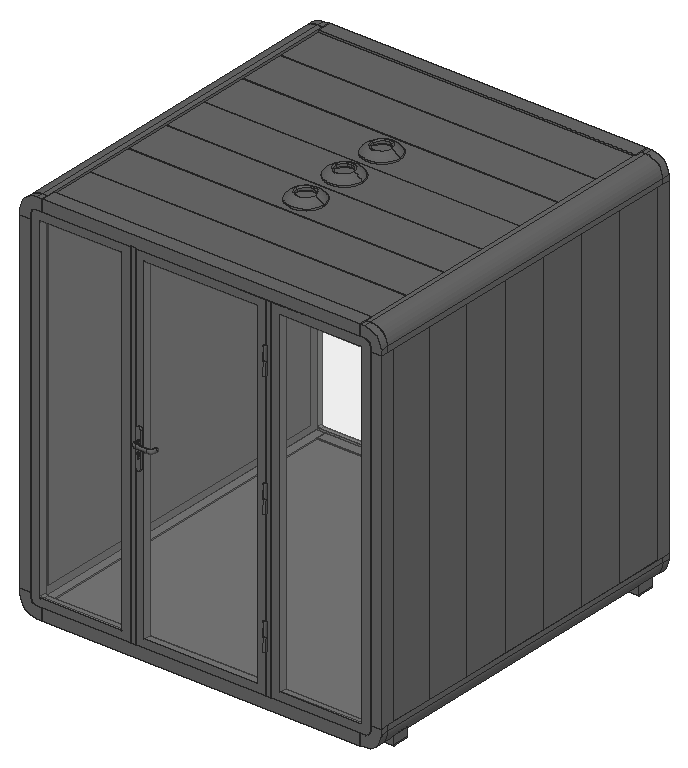
Revit family "Inbox Booths_X-Large Booth", category Furniture, Revit 2024 (continued)
Forms (mm)
  Extrusion 151, solid, material "Default Light Source" <- "BB_Light Source", not visible
    sketch origin (1367.015, -600, -93) x (-1, 0, 0) y (0, 0, -1)
      loop
        line (-339.493, -2233) -> (-325.978, -2233)
        arc (-325.978, -2233) -> (-329.936, -2223.444) -> (-339.493, -2219.485) r 13.515
        line (-339.493, -2219.485) -> (-339.493, -2233)
    from -2161 to -45
  Extrusion 152, solid, material "Default Light Source" <- "BB_Light Source", not visible
    sketch origin (0, -600, 0) x (1, 0, 0) y (0, 0, 1)
      loop
        line (-339.493, 2233) -> (-339.493, 2219.485)
        arc (-339.493, 2219.485) -> (-329.936, 2223.444) -> (-325.978, 2233) r 13.515
        line (-325.978, 2233) -> (-339.493, 2233)
    from -2161 to -45
  Extrusion 153, solid, material "Default Light Source" <- "BB_Light Source", not visible
    sketch origin (1367.015, -600, 0) x (-1, 0, 0) y (0, 0, -1)
      loop
        line (-339.493, -2233) -> (-325.978, -2233)
        arc (-325.978, -2233) -> (-329.936, -2223.444) -> (-339.493, -2219.485) r 13.515
        line (-339.493, -2219.485) -> (-339.493, -2233)
    from -2161 to -45
  Extrusion 154, solid, material "Default" <- "BB_Exterior Shell"
    sketch origin (-375, 90, 2320) x (1, 0, 0) y (0, 0, 1)
      loop
        arc (-41.493, -2210) -> (-12.203, -2280.711) -> (58.507, -2310) r 100
        line (58.507, -2310) -> (88.507, -2310) -> (88.507, -2243) -> (57.507, -2243)
        arc (57.507, -2243) -> (34.88, -2233.627) -> (25.507, -2211) r 32
        line (25.507, -2211) -> (25.507, -2180) -> (-41.493, -2180) -> (-41.493, -2210)
    from 45 to 90
  Extrusion 155, solid, material "Default" <- "BB_Exterior Shell"
    sketch origin (-375, -345, 0) x (1, 0, 0) y (0, 0, -1)
      loop
        arc (-41.493, -2210) -> (-12.203, -2280.711) -> (58.507, -2310) r 100
        line (58.507, -2310) -> (88.507, -2310) -> (88.507, -2243) -> (57.507, -2243)
        arc (57.507, -2243) -> (34.88, -2233.627) -> (25.507, -2211) r 32
        line (25.507, -2211) -> (25.507, -2180) -> (-41.493, -2180) -> (-41.493, -2210)
    from 345 to 390
  Extrusion 156, solid, material "Default" <- "BB_Exterior Shell"
    sketch origin (1258.507, 0, 0) x (0, 1, 0) y (0, 0, -1)
      loop
        line (0, -2180) -> (90, -2180) -> (90, -140) -> (0, -140) -> (0, -2180)
      loop
        line (2186, -140) -> (2104.308, -140) -> (2104.308, -2180) -> (2186, -2180) -> (2186, -140)
    from -458 to -525
  Extrusion 157, solid, material "Default" <- "BB_Exterior Shell"
    sketch origin (1742.015, 90, 2320) x (-1, 0, 0) y (0, 0, -1)
      loop
        line (-41.493, 2210) -> (-41.493, 2180) -> (25.507, 2180) -> (25.507, 2211)
        arc (25.507, 2211) -> (34.88, 2233.627) -> (57.507, 2243) r 32
        line (57.507, 2243) -> (88.507, 2243) -> (88.507, 2310) -> (58.507, 2310)
        arc (58.507, 2310) -> (-12.203, 2280.711) -> (-41.493, 2210) r 100
    from 45 to 90
  Extrusion 158, solid, material "Default" <- "BB_Exterior Shell"
    sketch origin (1742.015, -345, 0) x (-1, 0, 0) y (0, 0, 1)
      loop
        line (-41.493, 2210) -> (-41.493, 2180) -> (25.507, 2180) -> (25.507, 2211)
        arc (25.507, 2211) -> (34.88, 2233.627) -> (57.507, 2243) r 32
        line (57.507, 2243) -> (88.507, 2243) -> (88.507, 2310) -> (58.507, 2310)
        arc (58.507, 2310) -> (-12.203, 2280.711) -> (-41.493, 2210) r 100
    from 345 to 390
  Extrusion 159, solid, material "Default" <- "BB_Glass Edge (non-editable finish)"
    sketch origin (1367.015, -1616.475, 0) x (-1, 0, 0) y (0, 0, -1)
      loop
        line (-317.493, -2243) -> (254.507, -2243) -> (254.507, -77) -> (-317.493, -77)
        arc (-317.493, -77) -> (-340.12, -86.373) -> (-349.493, -109) r 32
        line (-349.493, -109) -> (-349.493, -2211)
        arc (-349.493, -2211) -> (-340.12, -2233.627) -> (-317.493, -2243) r 32
      loop
        line (204.507, -127) -> (-287.493, -127)
        arc (-287.493, -127) -> (-295.978, -130.515) -> (-299.493, -139) r 12
        line (-299.493, -139) -> (-299.493, -2180)
        arc (-299.493, -2180) -> (-296.023, -2189.531) -> (-286.493, -2193) r 12
        line (-286.493, -2193) -> (204.507, -2193) -> (204.507, -127)
    from -1661.475 to -1616.475
  Extrusion 160, solid, material "Glass" <- "BB_Glass"
    sketch origin (1367.015, 0, 0) x (-1, 0, 0) y (0, 0, -1)
      loop
        line (204.507, -127) -> (-287.493, -127)
        arc (-287.493, -127) -> (-295.978, -130.515) -> (-299.493, -139) r 12
        line (-299.493, -139) -> (-299.493, -2180)
        arc (-299.493, -2180) -> (-296.023, -2189.531) -> (-286.493, -2193) r 12
        line (-286.493, -2193) -> (204.507, -2193) -> (204.507, -127)
    from -11 to 0
  Extrusion 161, solid, material "Default" <- "BB_Exterior Shell"
    sketch origin (1418.507, 0, 0) x (0, 1, 0) y (0, 0, 1)
      loop
        line (0, 2243) -> (0, 77) -> (45, 77) -> (45, 2243) -> (0, 2243)
    from -306 to -337.885
  Extrusion 162, solid, material "Default" <- "BB_Glass Edge (non-editable finish)"
    sketch origin (0, -1616.475, 0) x (1, 0, 0) y (0, 0, 1)
      loop
        arc (-317.493, 2243) -> (-340.12, 2233.627) -> (-349.493, 2211) r 32
        line (-349.493, 2211) -> (-349.493, 109)
        arc (-349.493, 109) -> (-340.12, 86.373) -> (-317.493, 77) r 32
        line (-317.493, 77) -> (254.507, 77) -> (254.507, 2243) -> (-317.493, 2243)
      loop
        line (204.507, 127) -> (204.507, 2193) -> (-286.493, 2193)
        arc (-286.493, 2193) -> (-296.023, 2189.531) -> (-299.493, 2180) r 12
        line (-299.493, 2180) -> (-299.493, 139)
        arc (-299.493, 139) -> (-295.978, 130.515) -> (-287.493, 127) r 12
        line (-287.493, 127) -> (204.507, 127)
    from -1661.475 to -1616.475
  Extrusion 163, solid, material "Glass" <- "BB_Glass"
    sketch origin (0, 0, 0) x (1, 0, 0) y (0, 0, 1)
      loop
        line (204.507, 127) -> (204.507, 2193) -> (-286.493, 2193)
        arc (-286.493, 2193) -> (-296.023, 2189.531) -> (-299.493, 2180) r 12
        line (-299.493, 2180) -> (-299.493, 139)
        arc (-299.493, 139) -> (-295.978, 130.515) -> (-287.493, 127) r 12
        line (-287.493, 127) -> (204.507, 127)
    from -11 to 0
  Extrusion 164, solid, material "Default" <- "BB_Exterior Shell"
    sketch origin (-51.493, 0, 0) x (0, 1, 0) y (0, 0, -1)
      loop
        line (0, -2243) -> (45, -2243) -> (45, -77) -> (0, -77) -> (0, -2243)
    from -306 to -338.115
  Extrusion 165, solid, material "Default" <- "BB_Glass Edge (non-editable finish)"
    sketch origin (316.115, -709.952, 0) x (1, 0, 0) y (0, 0, 1)
      loop
        line (-29.493, 2243) -> (-29.493, 77) -> (764.507, 77) -> (764.507, 2243) -> (-29.493, 2243)
      loop
        line (714.507, 2193) -> (20.507, 2193) -> (20.507, 127) -> (714.507, 127) -> (714.507, 2193)
    from -754.952 to -709.952
  Extrusion 166, solid, material "Glass" <- "BB_Glass"
    sketch origin (-390.243, -1616.475, -375.577) x (1, 0, 0) y (0, 0, 1)
      loop
        line (726.866, 2568.577) -> (726.866, 502.577) -> (1420.866, 502.577) -> (1420.866, 2568.577) -> (726.866, 2568.577)
    from -1661.475 to -1616.475
  Extrusion 167, solid, material "Default" <- "BB_Hardware (non-editable finish)"
    sketch origin (377.365, 0, 0) x (1, 0, 0) y (0, 0, 1)
      loop
        arc (-80.493, 1055) -> (-65.493, 1040) -> (-50.493, 1055) r 15
        line (-50.493, 1055) -> (-50.493, 1265)
        arc (-50.493, 1265) -> (-65.493, 1280) -> (-80.493, 1265) r 15
        line (-80.493, 1265) -> (-80.493, 1055)
    from 0 to 9
  Extrusion 168, solid, material "Default" <- "BB_Hardware (non-editable finish)"
    sketch origin (377.365, 0, 0) x (1, 0, 0) y (0, 0, 1)
      loop
        arc (-60.993, 1126.252) -> (-65.493, 1141.963) -> (-69.993, 1126.252) r 8.5
        line (-69.993, 1126.252) -> (-69.993, 1113.463)
        arc (-69.993, 1113.463) -> (-65.493, 1108.963) -> (-60.993, 1113.463) r 4.5
        line (-60.993, 1113.463) -> (-60.993, 1126.252)
      loop
        circle (-65.493, 1133.463) r 6.846
    from 9 to 9.871
  Extrusion 169, solid, material "Default" <- "BB_Hardware (non-editable finish)"
    sketch origin (377.365, 0, 0) x (1, 0, 0) y (0, 0, 1)
      loop
        line (-58.72, 1132.462) -> (-65.493, 1132.462) -> (-65.493, 1134.409) -> (-58.713, 1134.409)
        arc (-58.713, 1134.409) -> (-72.338, 1133.49) -> (-58.72, 1132.462) r 6.846
    from 9 to 9.607
  Sweep 170, solid, material "Default" <- "BB_Hardware (non-editable finish)"
    path origin (368.115, 0, 1191.013) x (1, 0, 0) y (0, 1, 0)
      loop
        line (-65.493, -9.009) -> (-65.493, -29)
        arc (-65.493, -29) -> (-55.534, -53.042) -> (-31.493, -63) r 34
        line (-31.493, -63) -> (35.007, -63)
        arc (35.007, -63) -> (59.372, -53.221) -> (69.507, -29.004) r 34
        line (69.507, -29.004) -> (69.507, -19)
    profile origin (302.622, -19.005, 1191.013) x (1, 0, 0) y (0, 0, 1)
      loop
        arc (14.657, 18.263) -> (14.416, 18.644) -> (14.007, 18.834) r 0.8
        arc (14.007, 18.834) -> (11.685, 19.007) -> (9.363, 18.833) r 15.626
        arc (9.363, 18.833) -> (0, 9.47) -> (9.363, 0.107) r 9.363
        arc (9.363, 0.107) -> (11.662, -0.019) -> (13.962, 0.101) r 21.574
        arc (13.962, 0.101) -> (14.393, 0.284) -> (14.647, 0.677) r 0.8
        arc (14.647, 0.677) -> (15.884, 9.469) -> (14.657, 18.263) r 31.996
  Extrusion 171, solid, material "Default" <- "BB_Hardware (non-editable finish)"
    sketch origin (-2323.96, 0, 26.184) x (1, 0, 0) y (0, 1, 0)
      loop
        circle (3404.582, -7.96) r 8
    from 299.201 to 380.816
  Extrusion 172, solid, material "Default" <- "BB_Hardware (non-editable finish)"
    sketch origin (-2323.96, 0, 107.816) x (0, -1, 0) y (1, 0, 0)
      loop
        circle (7.96, 3404.582) r 8
    from 299.201 to 380.816
  Extrusion 173, solid, material "Default" <- "BB_Hardware (non-editable finish)"
    sketch origin (-2323.96, 0, 779.184) x (1, 0, 0) y (0, 1, 0)
      loop
        circle (3404.582, -7.96) r 8
    from 299.201 to 380.816
  Extrusion 174, solid, material "Default" <- "BB_Hardware (non-editable finish)"
    sketch origin (-2323.96, 0, 860.816) x (0, -1, 0) y (1, 0, 0)
      loop
        circle (7.96, 3404.582) r 8
    from 299.201 to 380.816
  Extrusion 175, solid, material "Default" <- "BB_Hardware (non-editable finish)"
    sketch origin (-2323.96, 0, 1532.184) x (1, 0, 0) y (0, 1, 0)
      loop
        circle (3404.582, -7.96) r 8
    from 299.201 to 380.816
  Extrusion 176, solid, material "Default" <- "BB_Hardware (non-editable finish)"
    sketch origin (-2323.96, 0, 1613.816) x (0, -1, 0) y (1, 0, 0)
      loop
        circle (7.96, 3404.582) r 8
    from 299.201 to 380.816
  Extrusion 177, solid, material "Default" <- "BB_Exterior Shell"
    sketch origin (108.507, 600, 0) x (0, 1, 0) y (0, 0, 1)
      loop
        line (1586, 140) -> (1586, 2180) -> (1504.308, 2180) -> (1504.308, 140) -> (1586, 140)
      loop
        line (-600, 2180) -> (-600, 140) -> (-510, 140) -> (-510, 2180) -> (-600, 2180)
    from -458 to -525
  Extrusion 178, solid, material "Default" <- "BB_Exterior Shell", not visible
    sketch origin (-375, -510, 2320) x (1, 0, 0) y (0, 0, 1)
      loop
        arc (-41.493, -2210) -> (-12.203, -2280.711) -> (58.507, -2310) r 100
        line (58.507, -2310) -> (88.507, -2310) -> (88.507, -2243) -> (57.507, -2243)
        arc (57.507, -2243) -> (34.88, -2233.627) -> (25.507, -2211) r 32
        line (25.507, -2211) -> (25.507, -2180) -> (-41.493, -2180) -> (-41.493, -2210)
    from 45 to 90
  Extrusion 179, solid, material "Default" <- "BB_Exterior Shell", not visible
    sketch origin (-375, -945, 0) x (1, 0, 0) y (0, 0, -1)
      loop
        arc (-41.493, -2210) -> (-12.203, -2280.711) -> (58.507, -2310) r 100
        line (58.507, -2310) -> (88.507, -2310) -> (88.507, -2243) -> (57.507, -2243)
        arc (57.507, -2243) -> (34.88, -2233.627) -> (25.507, -2211) r 32
        line (25.507, -2211) -> (25.507, -2180) -> (-41.493, -2180) -> (-41.493, -2210)
    from 345 to 390
  Extrusion 180, solid, material "Default" <- "BB_Exterior Shell", not visible
    sketch origin (1258.507, -600, 0) x (0, 1, 0) y (0, 0, -1)
      loop
        line (0, -2180) -> (90, -2180) -> (90, -140) -> (0, -140) -> (0, -2180)
      loop
        line (2186, -140) -> (2104.308, -140) -> (2104.308, -2180) -> (2186, -2180) -> (2186, -140)
    from -458 to -525
  Extrusion 181, solid, material "Default" <- "BB_Exterior Shell", not visible
    sketch origin (1742.015, -510, 2320) x (-1, 0, 0) y (0, 0, -1)
      loop
        line (-41.493, 2210) -> (-41.493, 2180) -> (25.507, 2180) -> (25.507, 2211)
        arc (25.507, 2211) -> (34.88, 2233.627) -> (57.507, 2243) r 32
        line (57.507, 2243) -> (88.507, 2243) -> (88.507, 2310) -> (58.507, 2310)
        arc (58.507, 2310) -> (-12.203, 2280.711) -> (-41.493, 2210) r 100
    from 45 to 90
  Extrusion 182, solid, material "Default" <- "BB_Exterior Shell", not visible
    sketch origin (1742.015, -945, 0) x (-1, 0, 0) y (0, 0, 1)
      loop
        line (-41.493, 2210) -> (-41.493, 2180) -> (25.507, 2180) -> (25.507, 2211)
        arc (25.507, 2211) -> (34.88, 2233.627) -> (57.507, 2243) r 32
        line (57.507, 2243) -> (88.507, 2243) -> (88.507, 2310) -> (58.507, 2310)
        arc (58.507, 2310) -> (-12.203, 2280.711) -> (-41.493, 2210) r 100
    from 345 to 390
  Extrusion 183, solid, material "Default" <- "BB_Glass Edge (non-editable finish)", not visible
    sketch origin (1367.015, -2216.475, 0) x (-1, 0, 0) y (0, 0, -1)
      loop
        line (-317.493, -2243) -> (254.507, -2243) -> (254.507, -77) -> (-317.493, -77)
        arc (-317.493, -77) -> (-340.12, -86.373) -> (-349.493, -109) r 32
        line (-349.493, -109) -> (-349.493, -2211)
        arc (-349.493, -2211) -> (-340.12, -2233.627) -> (-317.493, -2243) r 32
      loop
        line (204.507, -127) -> (-287.493, -127)
        arc (-287.493, -127) -> (-295.978, -130.515) -> (-299.493, -139) r 12
        line (-299.493, -139) -> (-299.493, -2180)
        arc (-299.493, -2180) -> (-296.023, -2189.531) -> (-286.493, -2193) r 12
        line (-286.493, -2193) -> (204.507, -2193) -> (204.507, -127)
    from -1661.475 to -1616.475
  Extrusion 184, solid, material "Glass" <- "BB_Glass", not visible
    sketch origin (1367.015, -600, 0) x (-1, 0, 0) y (0, 0, -1)
      loop
        line (204.507, -127) -> (-287.493, -127)
        arc (-287.493, -127) -> (-295.978, -130.515) -> (-299.493, -139) r 12
        line (-299.493, -139) -> (-299.493, -2180)
        arc (-299.493, -2180) -> (-296.023, -2189.531) -> (-286.493, -2193) r 12
        line (-286.493, -2193) -> (204.507, -2193) -> (204.507, -127)
    from -11 to 0
  Extrusion 185, solid, material "Default" <- "BB_Exterior Shell", not visible
    sketch origin (1418.507, -600, 0) x (0, 1, 0) y (0, 0, 1)
      loop
        line (0, 2243) -> (0, 77) -> (45, 77) -> (45, 2243) -> (0, 2243)
    from -306 to -337.885
  Extrusion 186, solid, material "Default" <- "BB_Glass Edge (non-editable finish)", not visible
    sketch origin (0, -2216.475, 0) x (1, 0, 0) y (0, 0, 1)
      loop
        arc (-317.493, 2243) -> (-340.12, 2233.627) -> (-349.493, 2211) r 32
        line (-349.493, 2211) -> (-349.493, 109)
        arc (-349.493, 109) -> (-340.12, 86.373) -> (-317.493, 77) r 32
        line (-317.493, 77) -> (254.507, 77) -> (254.507, 2243) -> (-317.493, 2243)
      loop
        line (204.507, 127) -> (204.507, 2193) -> (-286.493, 2193)
        arc (-286.493, 2193) -> (-296.023, 2189.531) -> (-299.493, 2180) r 12
        line (-299.493, 2180) -> (-299.493, 139)
        arc (-299.493, 139) -> (-295.978, 130.515) -> (-287.493, 127) r 12
        line (-287.493, 127) -> (204.507, 127)
    from -1661.475 to -1616.475
  Extrusion 187, solid, material "Glass" <- "BB_Glass", not visible
    sketch origin (0, -600, 0) x (1, 0, 0) y (0, 0, 1)
      loop
        line (204.507, 127) -> (204.507, 2193) -> (-286.493, 2193)
        arc (-286.493, 2193) -> (-296.023, 2189.531) -> (-299.493, 2180) r 12
        line (-299.493, 2180) -> (-299.493, 139)
        arc (-299.493, 139) -> (-295.978, 130.515) -> (-287.493, 127) r 12
        line (-287.493, 127) -> (204.507, 127)
    from -11 to 0
  Extrusion 188, solid, material "Default" <- "BB_Exterior Shell", not visible
    sketch origin (-51.493, -600, 0) x (0, 1, 0) y (0, 0, -1)
      loop
        line (0, -2243) -> (45, -2243) -> (45, -77) -> (0, -77) -> (0, -2243)
    from -306 to -338.115
  Extrusion 189, solid, material "Default" <- "BB_Glass Edge (non-editable finish)", not visible
    sketch origin (316.115, -1309.952, 0) x (1, 0, 0) y (0, 0, 1)
      loop
        line (-29.493, 2243) -> (-29.493, 77) -> (764.507, 77) -> (764.507, 2243) -> (-29.493, 2243)
      loop
        line (714.507, 2193) -> (20.507, 2193) -> (20.507, 127) -> (714.507, 127) -> (714.507, 2193)
    from -754.952 to -709.952
  Extrusion 190, solid, material "Glass" <- "BB_Glass", not visible
    sketch origin (-390.243, -2216.475, -375.577) x (1, 0, 0) y (0, 0, 1)
      loop
        line (726.866, 2568.577) -> (726.866, 502.577) -> (1420.866, 502.577) -> (1420.866, 2568.577) -> (726.866, 2568.577)
    from -1661.475 to -1616.475
  Extrusion 191, solid, material "Default" <- "BB_Hardware (non-editable finish)", not visible
    sketch origin (377.365, -600, 0) x (1, 0, 0) y (0, 0, 1)
      loop
        arc (-80.493, 1055) -> (-65.493, 1040) -> (-50.493, 1055) r 15
        line (-50.493, 1055) -> (-50.493, 1265)
        arc (-50.493, 1265) -> (-65.493, 1280) -> (-80.493, 1265) r 15
        line (-80.493, 1265) -> (-80.493, 1055)
    from 0 to 9
  Extrusion 192, solid, material "Default" <- "BB_Hardware (non-editable finish)", not visible
    sketch origin (377.365, -600, 0) x (1, 0, 0) y (0, 0, 1)
      loop
        arc (-60.993, 1126.252) -> (-65.493, 1141.963) -> (-69.993, 1126.252) r 8.5
        line (-69.993, 1126.252) -> (-69.993, 1113.463)
        arc (-69.993, 1113.463) -> (-65.493, 1108.963) -> (-60.993, 1113.463) r 4.5
        line (-60.993, 1113.463) -> (-60.993, 1126.252)
      loop
        circle (-65.493, 1133.463) r 6.846
    from 9 to 9.871
  Extrusion 193, solid, material "Default" <- "BB_Hardware (non-editable finish)", not visible
    sketch origin (377.365, -600, 0) x (1, 0, 0) y (0, 0, 1)
      loop
        line (-58.72, 1132.462) -> (-65.493, 1132.462) -> (-65.493, 1134.409) -> (-58.713, 1134.409)
        arc (-58.713, 1134.409) -> (-72.338, 1133.49) -> (-58.72, 1132.462) r 6.846
    from 9 to 9.607
  Sweep 194, solid, material "Default" <- "BB_Hardware (non-editable finish)", not visible
    path origin (368.115, -600, 1191.013) x (1, 0, 0) y (0, 1, 0)
      loop
        line (-65.493, -9.009) -> (-65.493, -29)
        arc (-65.493, -29) -> (-55.534, -53.042) -> (-31.493, -63) r 34
        line (-31.493, -63) -> (35.007, -63)
        arc (35.007, -63) -> (59.372, -53.221) -> (69.507, -29.004) r 34
        line (69.507, -29.004) -> (69.507, -19)
    profile origin (302.622, -619.005, 1191.013) x (1, 0, 0) y (0, 0, 1)
      loop
        arc (14.657, 18.263) -> (14.416, 18.644) -> (14.007, 18.834) r 0.8
        arc (14.007, 18.834) -> (11.685, 19.007) -> (9.363, 18.833) r 15.626
        arc (9.363, 18.833) -> (0, 9.47) -> (9.363, 0.107) r 9.363
        arc (9.363, 0.107) -> (11.662, -0.019) -> (13.962, 0.101) r 21.574
        arc (13.962, 0.101) -> (14.393, 0.284) -> (14.647, 0.677) r 0.8
        arc (14.647, 0.677) -> (15.884, 9.469) -> (14.657, 18.263) r 31.996
  Extrusion 195, solid, material "Default" <- "BB_Hardware (non-editable finish)", not visible
    sketch origin (-2323.96, -600, 26.184) x (1, 0, 0) y (0, 1, 0)
      loop
        circle (3404.582, -7.96) r 8
    from 299.201 to 380.816
  Extrusion 196, solid, material "Default" <- "BB_Hardware (non-editable finish)", not visible
    sketch origin (-2323.96, -600, 107.816) x (0, -1, 0) y (1, 0, 0)
      loop
        circle (7.96, 3404.582) r 8
    from 299.201 to 380.816
  Extrusion 197, solid, material "Default" <- "BB_Hardware (non-editable finish)", not visible
    sketch origin (-2323.96, -600, 779.184) x (1, 0, 0) y (0, 1, 0)
      loop
        circle (3404.582, -7.96) r 8
    from 299.201 to 380.816
  Extrusion 198, solid, material "Default" <- "BB_Hardware (non-editable finish)", not visible
    sketch origin (-2323.96, -600, 860.816) x (0, -1, 0) y (1, 0, 0)
      loop
        circle (7.96, 3404.582) r 8
    from 299.201 to 380.816
  Extrusion 199, solid, material "Default" <- "BB_Hardware (non-editable finish)", not visible
    sketch origin (-2323.96, -600, 1532.184) x (1, 0, 0) y (0, 1, 0)
      loop
        circle (3404.582, -7.96) r 8
    from 299.201 to 380.816
  Extrusion 200, solid, material "Default" <- "BB_Hardware (non-editable finish)", not visible
    sketch origin (-2323.96, -600, 1613.816) x (0, -1, 0) y (1, 0, 0)
      loop
        circle (7.96, 3404.582) r 8
    from 299.201 to 380.816
  Extrusion 201, solid, material "Default" <- "BB_Exterior Shell", not visible
    sketch origin (108.507, 0, 0) x (0, 1, 0) y (0, 0, 1)
      loop
        line (1586, 140) -> (1586, 2180) -> (1504.308, 2180) -> (1504.308, 140) -> (1586, 140)
      loop
        line (-600, 2180) -> (-600, 140) -> (-510, 140) -> (-510, 2180) -> (-600, 2180)
    from -458 to -525
  Extrusion 202, solid, material "Default" <- "BB_Exterior Shell", not visible
    sketch origin (-375, -510, 2320) x (1, 0, 0) y (0, 0, 1)
      loop
        arc (-41.493, -2210) -> (-12.203, -2280.711) -> (58.507, -2310) r 100
        line (58.507, -2310) -> (88.507, -2310) -> (88.507, -2243) -> (57.507, -2243)
        arc (57.507, -2243) -> (34.88, -2233.627) -> (25.507, -2211) r 32
        line (25.507, -2211) -> (25.507, -2180) -> (-41.493, -2180) -> (-41.493, -2210)
    from 45 to 90
  Extrusion 203, solid, material "Default" <- "BB_Exterior Shell", not visible
    sketch origin (-375, -945, 0) x (1, 0, 0) y (0, 0, -1)
      loop
        arc (-41.493, -2210) -> (-12.203, -2280.711) -> (58.507, -2310) r 100
        line (58.507, -2310) -> (88.507, -2310) -> (88.507, -2243) -> (57.507, -2243)
        arc (57.507, -2243) -> (34.88, -2233.627) -> (25.507, -2211) r 32
        line (25.507, -2211) -> (25.507, -2180) -> (-41.493, -2180) -> (-41.493, -2210)
    from 345 to 390
  Extrusion 204, solid, material "Default" <- "BB_Exterior Shell", not visible
    sketch origin (1258.507, -600, 0) x (0, 1, 0) y (0, 0, -1)
      loop
        line (0, -2180) -> (90, -2180) -> (90, -140) -> (0, -140) -> (0, -2180)
      loop
        line (2186, -140) -> (2104.308, -140) -> (2104.308, -2180) -> (2186, -2180) -> (2186, -140)
    from -458 to -525
  Extrusion 205, solid, material "Default" <- "BB_Exterior Shell", not visible
    sketch origin (1742.015, -510, 2320) x (-1, 0, 0) y (0, 0, -1)
      loop
        line (-41.493, 2210) -> (-41.493, 2180) -> (25.507, 2180) -> (25.507, 2211)
        arc (25.507, 2211) -> (34.88, 2233.627) -> (57.507, 2243) r 32
        line (57.507, 2243) -> (88.507, 2243) -> (88.507, 2310) -> (58.507, 2310)
        arc (58.507, 2310) -> (-12.203, 2280.711) -> (-41.493, 2210) r 100
    from 45 to 90
  Extrusion 206, solid, material "Default" <- "BB_Exterior Shell", not visible
    sketch origin (1742.015, -945, 0) x (-1, 0, 0) y (0, 0, 1)
      loop
        line (-41.493, 2210) -> (-41.493, 2180) -> (25.507, 2180) -> (25.507, 2211)
        arc (25.507, 2211) -> (34.88, 2233.627) -> (57.507, 2243) r 32
        line (57.507, 2243) -> (88.507, 2243) -> (88.507, 2310) -> (58.507, 2310)
        arc (58.507, 2310) -> (-12.203, 2280.711) -> (-41.493, 2210) r 100
    from 345 to 390
  Extrusion 207, solid, material "Default" <- "BB_Glass Edge (non-editable finish)", not visible
    sketch origin (1367.015, -2216.475, 0) x (-1, 0, 0) y (0, 0, -1)
      loop
        line (-317.493, -2243) -> (254.507, -2243) -> (254.507, -77) -> (-317.493, -77)
        arc (-317.493, -77) -> (-340.12, -86.373) -> (-349.493, -109) r 32
        line (-349.493, -109) -> (-349.493, -2211)
        arc (-349.493, -2211) -> (-340.12, -2233.627) -> (-317.493, -2243) r 32
      loop
        line (204.507, -127) -> (-287.493, -127)
        arc (-287.493, -127) -> (-295.978, -130.515) -> (-299.493, -139) r 12
        line (-299.493, -139) -> (-299.493, -2180)
        arc (-299.493, -2180) -> (-296.023, -2189.531) -> (-286.493, -2193) r 12
        line (-286.493, -2193) -> (204.507, -2193) -> (204.507, -127)
    from -1661.475 to -1616.475
  Extrusion 208, solid, material "Glass" <- "BB_Glass", not visible
    sketch origin (1367.015, -600, 0) x (-1, 0, 0) y (0, 0, -1)
      loop
        line (204.507, -127) -> (-287.493, -127)
        arc (-287.493, -127) -> (-295.978, -130.515) -> (-299.493, -139) r 12
        line (-299.493, -139) -> (-299.493, -2180)
        arc (-299.493, -2180) -> (-296.023, -2189.531) -> (-286.493, -2193) r 12
        line (-286.493, -2193) -> (204.507, -2193) -> (204.507, -127)
    from -11 to 0
  Extrusion 209, solid, material "Default" <- "BB_Exterior Shell", not visible
    sketch origin (1418.507, -600, 0) x (0, 1, 0) y (0, 0, 1)
      loop
        line (0, 2243) -> (0, 77) -> (45, 77) -> (45, 2243) -> (0, 2243)
    from -306 to -337.885
  Extrusion 210, solid, material "Default" <- "BB_Glass Edge (non-editable finish)", not visible
    sketch origin (0, -2216.475, 0) x (1, 0, 0) y (0, 0, 1)
      loop
        arc (-317.493, 2243) -> (-340.12, 2233.627) -> (-349.493, 2211) r 32
        line (-349.493, 2211) -> (-349.493, 109)
        arc (-349.493, 109) -> (-340.12, 86.373) -> (-317.493, 77) r 32
        line (-317.493, 77) -> (254.507, 77) -> (254.507, 2243) -> (-317.493, 2243)
      loop
        line (204.507, 127) -> (204.507, 2193) -> (-286.493, 2193)
        arc (-286.493, 2193) -> (-296.023, 2189.531) -> (-299.493, 2180) r 12
        line (-299.493, 2180) -> (-299.493, 139)
        arc (-299.493, 139) -> (-295.978, 130.515) -> (-287.493, 127) r 12
        line (-287.493, 127) -> (204.507, 127)
    from -1661.475 to -1616.475
  Extrusion 211, solid, material "Glass" <- "BB_Glass", not visible
    sketch origin (0, -600, 0) x (1, 0, 0) y (0, 0, 1)
      loop
        line (204.507, 127) -> (204.507, 2193) -> (-286.493, 2193)
        arc (-286.493, 2193) -> (-296.023, 2189.531) -> (-299.493, 2180) r 12
        line (-299.493, 2180) -> (-299.493, 139)
        arc (-299.493, 139) -> (-295.978, 130.515) -> (-287.493, 127) r 12
        line (-287.493, 127) -> (204.507, 127)
    from -11 to 0
  Extrusion 212, solid, material "Default" <- "BB_Exterior Shell", not visible
    sketch origin (-51.493, -600, 0) x (0, 1, 0) y (0, 0, -1)
      loop
        line (0, -2243) -> (45, -2243) -> (45, -77) -> (0, -77) -> (0, -2243)
    from -306 to -338.115
  Extrusion 213, solid, material "Default" <- "BB_Glass Edge (non-editable finish)", not visible
    sketch origin (316.115, -1309.952, 0) x (1, 0, 0) y (0, 0, 1)
      loop
        line (-29.493, 2243) -> (-29.493, 77) -> (764.507, 77) -> (764.507, 2243) -> (-29.493, 2243)
      loop
        line (714.507, 2193) -> (20.507, 2193) -> (20.507, 127) -> (714.507, 127) -> (714.507, 2193)
    from -754.952 to -709.952
  Extrusion 214, solid, material "Glass" <- "BB_Glass", not visible
    sketch origin (-390.243, -2216.475, -375.577) x (1, 0, 0) y (0, 0, 1)
      loop
        line (726.866, 2568.577) -> (726.866, 502.577) -> (1420.866, 502.577) -> (1420.866, 2568.577) -> (726.866, 2568.577)
    from -1661.475 to -1616.475
  Extrusion 215, solid, material "Default" <- "BB_Hardware (non-editable finish)", not visible
    sketch origin (377.365, -600, 0) x (1, 0, 0) y (0, 0, 1)
      loop
        arc (-80.493, 1055) -> (-65.493, 1040) -> (-50.493, 1055) r 15
        line (-50.493, 1055) -> (-50.493, 1265)
        arc (-50.493, 1265) -> (-65.493, 1280) -> (-80.493, 1265) r 15
        line (-80.493, 1265) -> (-80.493, 1055)
    from 0 to 9
  Extrusion 216, solid, material "Default" <- "BB_Hardware (non-editable finish)", not visible
    sketch origin (377.365, -600, 0) x (1, 0, 0) y (0, 0, 1)
      loop
        arc (-60.993, 1126.252) -> (-65.493, 1141.963) -> (-69.993, 1126.252) r 8.5
        line (-69.993, 1126.252) -> (-69.993, 1113.463)
        arc (-69.993, 1113.463) -> (-65.493, 1108.963) -> (-60.993, 1113.463) r 4.5
        line (-60.993, 1113.463) -> (-60.993, 1126.252)
      loop
        circle (-65.493, 1133.463) r 6.846
    from 9 to 9.871
  Extrusion 217, solid, material "Default" <- "BB_Hardware (non-editable finish)", not visible
    sketch origin (377.365, -600, 0) x (1, 0, 0) y (0, 0, 1)
      loop
        line (-58.72, 1132.462) -> (-65.493, 1132.462) -> (-65.493, 1134.409) -> (-58.713, 1134.409)
        arc (-58.713, 1134.409) -> (-72.338, 1133.49) -> (-58.72, 1132.462) r 6.846
    from 9 to 9.607
  Sweep 218, solid, material "Default" <- "BB_Hardware (non-editable finish)", not visible
    path origin (368.115, -600, 1191.013) x (1, 0, 0) y (0, 1, 0)
      loop
        line (-65.493, -9.009) -> (-65.493, -29)
        arc (-65.493, -29) -> (-55.534, -53.042) -> (-31.493, -63) r 34
        line (-31.493, -63) -> (35.007, -63)
        arc (35.007, -63) -> (59.372, -53.221) -> (69.507, -29.004) r 34
        line (69.507, -29.004) -> (69.507, -19)
    profile origin (302.622, -619.005, 1191.013) x (1, 0, 0) y (0, 0, 1)
      loop
        arc (14.657, 18.263) -> (14.416, 18.644) -> (14.007, 18.834) r 0.8
        arc (14.007, 18.834) -> (11.685, 19.007) -> (9.363, 18.833) r 15.626
        arc (9.363, 18.833) -> (0, 9.47) -> (9.363, 0.107) r 9.363
        arc (9.363, 0.107) -> (11.662, -0.019) -> (13.962, 0.101) r 21.574
        arc (13.962, 0.101) -> (14.393, 0.284) -> (14.647, 0.677) r 0.8
        arc (14.647, 0.677) -> (15.884, 9.469) -> (14.657, 18.263) r 31.996
  Extrusion 219, solid, material "Default" <- "BB_Hardware (non-editable finish)", not visible
    sketch origin (-2323.96, -600, 26.184) x (1, 0, 0) y (0, 1, 0)
      loop
        circle (3404.582, -7.96) r 8
    from 299.201 to 380.816
  Extrusion 220, solid, material "Default" <- "BB_Hardware (non-editable finish)", not visible
    sketch origin (-2323.96, -600, 107.816) x (0, -1, 0) y (1, 0, 0)
      loop
        circle (7.96, 3404.582) r 8
    from 299.201 to 380.816
  Extrusion 221, solid, material "Default" <- "BB_Hardware (non-editable finish)", not visible
    sketch origin (-2323.96, -600, 779.184) x (1, 0, 0) y (0, 1, 0)
      loop
        circle (3404.582, -7.96) r 8
    from 299.201 to 380.816
  Extrusion 222, solid, material "Default" <- "BB_Hardware (non-editable finish)", not visible
    sketch origin (-2323.96, -600, 860.816) x (0, -1, 0) y (1, 0, 0)
      loop
        circle (7.96, 3404.582) r 8
    from 299.201 to 380.816
  Extrusion 223, solid, material "Default" <- "BB_Hardware (non-editable finish)", not visible
    sketch origin (-2323.96, -600, 1532.184) x (1, 0, 0) y (0, 1, 0)
      loop
        circle (3404.582, -7.96) r 8
    from 299.201 to 380.816
  Extrusion 224, solid, material "Default" <- "BB_Hardware (non-editable finish)", not visible
    sketch origin (-2323.96, -600, 1613.816) x (0, -1, 0) y (1, 0, 0)
      loop
        circle (7.96, 3404.582) r 8
    from 299.201 to 380.816
  Extrusion 225, solid, material "Default" <- "BB_Exterior Shell", not visible
    sketch origin (108.507, 0, 0) x (0, 1, 0) y (0, 0, 1)
      loop
        line (1586, 140) -> (1586, 2180) -> (1504.308, 2180) -> (1504.308, 140) -> (1586, 140)
      loop
        line (-600, 2180) -> (-600, 140) -> (-510, 140) -> (-510, 2180) -> (-600, 2180)
    from -458 to -525
  Extrusion 226, solid, material "Default" <- "BB_Exterior Shell"
    sketch origin (0, 549.4, 2320) x (1, 0, 0) y (0, 0, 1)
      loop
        line (-286.493, -2243) -> (-286.493, -2310) -> (1653.507, -2310) -> (1653.507, -2243) -> (-286.493, -2243)
    from -396.875 to -107.366
  Extrusion 227, solid, material "Default" <- "BB_Exterior Shell"
    sketch origin (0, 849.4, 2320) x (1, 0, 0) y (0, 0, -1)
      loop
        line (-286.493, 2243) -> (1653.507, 2243) -> (1653.507, 2310) -> (-286.493, 2310) -> (-286.493, 2243)
    from -482.142 to -192.634
  Extrusion 228, solid, material "Default" <- "BB_Exterior Shell"
    sketch origin (0, -3.6, 2320) x (1, 0, 0) y (0, 0, 1)
      loop
        line (-286.493, -2243) -> (-286.493, -2310) -> (1653.507, -2310) -> (1653.507, -2243) -> (-286.493, -2243)
    from -370.858 to -93.6
  Extrusion 229, solid, material "Default" <- "BB_Exterior Shell"
    sketch origin (0, 436.5, 4543) x (1, 0, 0) y (0, 0, 1)
      loop
        line (-286.493, -2243) -> (-286.493, -2300) -> (1653.507, -2300) -> (1653.507, -2243) -> (-286.493, -2243)
    from -220.266 to 69.242
  Extrusion 230, solid, material "Default" <- "BB_Exterior Shell"
    sketch origin (0, 390.5, 4543) x (1, 0, 0) y (0, 0, -1)
      loop
        line (-286.493, 2243) -> (1653.507, 2243) -> (1653.507, 2300) -> (-286.493, 2300) -> (-286.493, 2243)
    from -300.5 to -23.242
  Extrusion 231, solid, material "Default" <- "BB_Exterior Shell"
    sketch origin (1868.507, 775, 0) x (0, -1, 0) y (0, 0, 1)
      loop
        line (118.234, 2180) -> (118.234, 140) -> (407.742, 140) -> (407.742, 2180) -> (118.234, 2180)
    from 92 to 152
  Extrusion 232, solid, material "Default" <- "BB_Exterior Shell"
    sketch origin (1868.507, 42.6, 0) x (0, 1, 0) y (0, 0, -1)
      loop
        line (47.4, -2180) -> (324.658, -2180) -> (324.658, -140) -> (47.4, -140) -> (47.4, -2180)
    from 92 to 152
  Extrusion 233, solid, material "Default" <- "BB_Exterior Shell"
    sketch origin (0, 210, 0) x (1, 0, 0) y (0, 0, 1)
      loop
        arc (-406.493, 4) -> (-405.321, 1.172) -> (-402.493, 0) r 4
        line (-402.493, 0) -> (-280.261, 0)
        arc (-280.261, 0) -> (-277.432, 1.172) -> (-276.261, 4) r 4
        line (-276.261, 4) -> (-276.261, 10) -> (-316.493, 10)
        arc (-316.493, 10) -> (-369.601, 25.268) -> (-406.493, 66.411) r 100
        line (-406.493, 66.411) -> (-406.493, 4)
    from 0 to 100
  Extrusion 234, solid, material "Default" <- "BB_Exterior Shell"
    sketch origin (1367.015, 210, 0) x (-1, 0, 0) y (0, 0, -1)
      loop
        line (-406.493, -4) -> (-406.493, -66.411)
        arc (-406.493, -66.411) -> (-369.601, -25.268) -> (-316.493, -10) r 100
        line (-316.493, -10) -> (-276.261, -10) -> (-276.261, -4)
        arc (-276.261, -4) -> (-277.432, -1.172) -> (-280.261, 0) r 4
        line (-280.261, 0) -> (-402.493, 0)
        arc (-402.493, 0) -> (-405.321, -1.172) -> (-406.493, -4) r 4
    from 0 to 100
  Extrusion 235, solid, material "Default" <- "BB_Exterior Shell", not visible
    sketch origin (0, -50.6, 2320) x (1, 0, 0) y (0, 0, 1)
      loop
        line (-286.493, -2243) -> (-286.493, -2310) -> (1653.507, -2310) -> (1653.507, -2243) -> (-286.493, -2243)
    from -396.875 to -107.366
  Extrusion 236, solid, material "Default" <- "BB_Exterior Shell", not visible
    sketch origin (0, 249.4, 2320) x (1, 0, 0) y (0, 0, -1)
      loop
        line (-286.493, 2243) -> (1653.507, 2243) -> (1653.507, 2310) -> (-286.493, 2310) -> (-286.493, 2243)
    from -482.142 to -192.634
  Extrusion 237, solid, material "Default" <- "BB_Exterior Shell", not visible
    sketch origin (0, -603.6, 2320) x (1, 0, 0) y (0, 0, 1)
      loop
        line (-286.493, -2243) -> (-286.493, -2310) -> (1653.507, -2310) -> (1653.507, -2243) -> (-286.493, -2243)
    from -370.858 to -93.6
  Extrusion 238, solid, material "Default" <- "BB_Exterior Shell", not visible
    sketch origin (0, -163.5, 4543) x (1, 0, 0) y (0, 0, 1)
      loop
        line (-286.493, -2243) -> (-286.493, -2300) -> (1653.507, -2300) -> (1653.507, -2243) -> (-286.493, -2243)
    from -220.266 to 69.242
  Extrusion 239, solid, material "Default" <- "BB_Exterior Shell", not visible
    sketch origin (0, -209.5, 4543) x (1, 0, 0) y (0, 0, -1)
      loop
        line (-286.493, 2243) -> (1653.507, 2243) -> (1653.507, 2300) -> (-286.493, 2300) -> (-286.493, 2243)
    from -300.5 to -23.242
  Extrusion 240, solid, material "Default" <- "BB_Exterior Shell", not visible
    sketch origin (1868.507, 175, 0) x (0, -1, 0) y (0, 0, 1)
      loop
        line (118.234, 2180) -> (118.234, 140) -> (407.742, 140) -> (407.742, 2180) -> (118.234, 2180)
    from 92 to 152
  Extrusion 241, solid, material "Default" <- "BB_Exterior Shell", not visible
    sketch origin (1868.507, -557.4, 0) x (0, 1, 0) y (0, 0, -1)
      loop
        line (47.4, -2180) -> (324.658, -2180) -> (324.658, -140) -> (47.4, -140) -> (47.4, -2180)
    from 92 to 152
  Extrusion 242, solid, material "Default" <- "BB_Exterior Shell", not visible
    sketch origin (0, -390, 0) x (1, 0, 0) y (0, 0, 1)
      loop
        arc (-406.493, 4) -> (-405.321, 1.172) -> (-402.493, 0) r 4
        line (-402.493, 0) -> (-280.261, 0)
        arc (-280.261, 0) -> (-277.432, 1.172) -> (-276.261, 4) r 4
        line (-276.261, 4) -> (-276.261, 10) -> (-316.493, 10)
        arc (-316.493, 10) -> (-369.601, 25.268) -> (-406.493, 66.411) r 100
        line (-406.493, 66.411) -> (-406.493, 4)
    from 0 to 100
  Extrusion 243, solid, material "Default" <- "BB_Exterior Shell", not visible
    sketch origin (1367.015, -390, 0) x (-1, 0, 0) y (0, 0, -1)
      loop
        line (-406.493, -4) -> (-406.493, -66.411)
        arc (-406.493, -66.411) -> (-369.601, -25.268) -> (-316.493, -10) r 100
        line (-316.493, -10) -> (-276.261, -10) -> (-276.261, -4)
        arc (-276.261, -4) -> (-277.432, -1.172) -> (-280.261, 0) r 4
        line (-280.261, 0) -> (-402.493, 0)
        arc (-402.493, 0) -> (-405.321, -1.172) -> (-406.493, -4) r 4
    from 0 to 100
  Extrusion 244, solid, material "Default" <- "BB_Exterior Shell", not visible
    sketch origin (0, -50.6, 2320) x (1, 0, 0) y (0, 0, 1)
      loop
        line (-286.493, -2243) -> (-286.493, -2310) -> (1653.507, -2310) -> (1653.507, -2243) -> (-286.493, -2243)
    from -396.875 to -107.366
  Extrusion 245, solid, material "Default" <- "BB_Exterior Shell", not visible
    sketch origin (0, 249.4, 2320) x (1, 0, 0) y (0, 0, -1)
      loop
        line (-286.493, 2243) -> (1653.507, 2243) -> (1653.507, 2310) -> (-286.493, 2310) -> (-286.493, 2243)
    from -482.142 to -192.634
  Extrusion 246, solid, material "Default" <- "BB_Exterior Shell", not visible
    sketch origin (0, -603.6, 2320) x (1, 0, 0) y (0, 0, 1)
      loop
        line (-286.493, -2243) -> (-286.493, -2310) -> (1653.507, -2310) -> (1653.507, -2243) -> (-286.493, -2243)
    from -370.858 to -93.6
  Extrusion 247, solid, material "Default" <- "BB_Exterior Shell", not visible
    sketch origin (0, -163.5, 4543) x (1, 0, 0) y (0, 0, 1)
      loop
        line (-286.493, -2243) -> (-286.493, -2300) -> (1653.507, -2300) -> (1653.507, -2243) -> (-286.493, -2243)
    from -220.266 to 69.242
  Extrusion 248, solid, material "Default" <- "BB_Exterior Shell", not visible
    sketch origin (0, -209.5, 4543) x (1, 0, 0) y (0, 0, -1)
      loop
        line (-286.493, 2243) -> (1653.507, 2243) -> (1653.507, 2300) -> (-286.493, 2300) -> (-286.493, 2243)
    from -300.5 to -23.242
  Extrusion 249, solid, material "Default" <- "BB_Exterior Shell", not visible
    sketch origin (1868.507, 175, 0) x (0, -1, 0) y (0, 0, 1)
      loop
        line (118.234, 2180) -> (118.234, 140) -> (407.742, 140) -> (407.742, 2180) -> (118.234, 2180)
    from 92 to 152
  Extrusion 250, solid, material "Default" <- "BB_Exterior Shell", not visible
    sketch origin (1868.507, -557.4, 0) x (0, 1, 0) y (0, 0, -1)
      loop
        line (47.4, -2180) -> (324.658, -2180) -> (324.658, -140) -> (47.4, -140) -> (47.4, -2180)
    from 92 to 152
  Extrusion 251, solid, material "Default" <- "BB_Exterior Shell", not visible
    sketch origin (0, -390, 0) x (1, 0, 0) y (0, 0, 1)
      loop
        arc (-406.493, 4) -> (-405.321, 1.172) -> (-402.493, 0) r 4
        line (-402.493, 0) -> (-280.261, 0)
        arc (-280.261, 0) -> (-277.432, 1.172) -> (-276.261, 4) r 4
        line (-276.261, 4) -> (-276.261, 10) -> (-316.493, 10)
        arc (-316.493, 10) -> (-369.601, 25.268) -> (-406.493, 66.411) r 100
        line (-406.493, 66.411) -> (-406.493, 4)
    from 0 to 100
  Extrusion 252, solid, material "Default" <- "BB_Exterior Shell", not visible
    sketch origin (1367.015, -390, 0) x (-1, 0, 0) y (0, 0, -1)
      loop
        line (-406.493, -4) -> (-406.493, -66.411)
        arc (-406.493, -66.411) -> (-369.601, -25.268) -> (-316.493, -10) r 100
        line (-316.493, -10) -> (-276.261, -10) -> (-276.261, -4)
        arc (-276.261, -4) -> (-277.432, -1.172) -> (-280.261, 0) r 4
        line (-280.261, 0) -> (-402.493, 0)
        arc (-402.493, 0) -> (-405.321, -1.172) -> (-406.493, -4) r 4
    from 0 to 100
  Extrusion 253, solid, material "Default" <- "BB_Exterior Shell"
    sketch origin (-501.493, 1899.8, 0) x (0, -1, 0) y (0, 0, -1)
      loop
        line (85, -2180) -> (374.508, -2180) -> (374.508, -140) -> (85, -140) -> (85, -2180)
    from 92 to 152
  Extrusion 254, solid, material "Default" <- "BB_Exterior Shell"
    sketch origin (-501.493, 1320.783, 0) x (0, -1, 0) y (0, 0, -1)
      loop
        line (85, -2180) -> (374.508, -2180) -> (374.508, -140) -> (85, -140) -> (85, -2180)
    from 92 to 152
  Extrusion 255, solid, material "Default" <- "BB_Exterior Shell"
    sketch origin (-501.493, 1150.783, 0) x (0, 1, 0) y (0, 0, 1)
      loop
        line (85, 2180) -> (85, 140) -> (374.508, 140) -> (374.508, 2180) -> (85, 2180)
    from 92 to 152
  Extrusion 256, solid, material "Default" <- "BB_Exterior Shell"
    sketch origin (-501.493, 571.766, 0) x (0, 1, 0) y (0, 0, 1)
      loop
        line (85, 2180) -> (85, 140) -> (374.508, 140) -> (374.508, 2180) -> (85, 2180)
    from 92 to 152
  Extrusion 257, solid, material "Default" <- "BB_Exterior Shell"
    sketch origin (-501.493, 741.766, 0) x (0, -1, 0) y (0, 0, -1)
      loop
        line (85, -2180) -> (374.508, -2180) -> (374.508, -140) -> (85, -140) -> (85, -2180)
    from 92 to 152
  Extrusion 258, solid, material "Default" <- "BB_Exterior Shell"
    sketch origin (-501.493, -7.251, 0) x (0, 1, 0) y (0, 0, 1)
      loop
        line (85, 2180) -> (85, 140) -> (374.508, 140) -> (374.508, 2180) -> (85, 2180)
    from 92 to 152
  Sweep 259, solid, material "Default" <- "BB_Exterior Shell"
    path origin (0, 1724.25, 2300) x (1, 0, 0) y (0, 1, 0)
      loop
        circle (683.507, -631.25) r 40
    profile origin (683.507, 1053, 2300) x (0, -1, 0) y (0, 0, 1)
      loop
        line (12.021, 33.075) -> (12.021, 23.075) -> (23.977, 23.075)
        arc (23.977, 23.075) -> (35.682, 13.952) -> (40.742, 0) r 26.812
        line (40.742, 0) -> (69.964, 0)
        arc (69.964, 0) -> (69.811, 2.144) -> (68.91, 4.096) r 5.985
        arc (68.91, 4.096) -> (47.395, 26.052) -> (20, 40) r 95.122
        line (20, 40) -> (12.021, 33.075)
  Sweep 260, solid, material "Default" <- "BB_Exterior Shell"
    path origin (0, 747.316, 2300) x (1, 0, 0) y (0, 1, 0)
      loop
        circle (683.507, 631.25) r 40
    profile origin (683.507, 1418.566, 2300) x (0, -1, 0) y (0, 0, 1)
      loop
        line (-12.021, 33.075) -> (-20, 40)
        arc (-20, 40) -> (-47.395, 26.052) -> (-68.91, 4.096) r 95.122
        arc (-68.91, 4.096) -> (-69.811, 2.144) -> (-69.964, 0) r 5.985
        line (-69.964, 0) -> (-40.742, 0)
        arc (-40.742, 0) -> (-35.682, 13.952) -> (-23.977, 23.075) r 26.812
        line (-23.977, 23.075) -> (-12.021, 23.075) -> (-12.021, 33.075)
  Sweep 261, solid, material "Default" <- "BB_Exterior Shell"
    path origin (0, 168.299, 2300) x (1, 0, 0) y (0, 1, 0)
      loop
        circle (683.507, 631.25) r 40
    profile origin (683.507, 839.549, 2300) x (0, -1, 0) y (0, 0, 1)
      loop
        line (-12.021, 33.075) -> (-20, 40)
        arc (-20, 40) -> (-47.395, 26.052) -> (-68.91, 4.096) r 95.122
        arc (-68.91, 4.096) -> (-69.811, 2.144) -> (-69.964, 0) r 5.985
        line (-69.964, 0) -> (-40.742, 0)
        arc (-40.742, 0) -> (-35.682, 13.952) -> (-23.977, 23.075) r 26.812
        line (-23.977, 23.075) -> (-12.021, 23.075) -> (-12.021, 33.075)
  Extrusion 262, solid, material "Default" <- "BB_Exterior Shell", not visible
    sketch origin (-501.493, 1299.8, 0) x (0, -1, 0) y (0, 0, -1)
      loop
        line (85, -2180) -> (374.508, -2180) -> (374.508, -140) -> (85, -140) -> (85, -2180)
    from 92 to 152
  Extrusion 263, solid, material "Default" <- "BB_Exterior Shell", not visible
    sketch origin (-501.493, 720.783, 0) x (0, -1, 0) y (0, 0, -1)
      loop
        line (85, -2180) -> (374.508, -2180) -> (374.508, -140) -> (85, -140) -> (85, -2180)
    from 92 to 152
  Extrusion 264, solid, material "Default" <- "BB_Exterior Shell", not visible
    sketch origin (-501.493, 550.783, 0) x (0, 1, 0) y (0, 0, 1)
      loop
        line (85, 2180) -> (85, 140) -> (374.508, 140) -> (374.508, 2180) -> (85, 2180)
    from 92 to 152
  Extrusion 265, solid, material "Default" <- "BB_Exterior Shell", not visible
    sketch origin (-501.493, -28.234, 0) x (0, 1, 0) y (0, 0, 1)
      loop
        line (85, 2180) -> (85, 140) -> (374.508, 140) -> (374.508, 2180) -> (85, 2180)
    from 92 to 152
  Extrusion 266, solid, material "Default" <- "BB_Exterior Shell", not visible
    sketch origin (-501.493, 141.766, 0) x (0, -1, 0) y (0, 0, -1)
      loop
        line (85, -2180) -> (374.508, -2180) -> (374.508, -140) -> (85, -140) -> (85, -2180)
    from 92 to 152
  Extrusion 267, solid, material "Default" <- "BB_Exterior Shell", not visible
    sketch origin (-501.493, -607.251, 0) x (0, 1, 0) y (0, 0, 1)
      loop
        line (85, 2180) -> (85, 140) -> (374.508, 140) -> (374.508, 2180) -> (85, 2180)
    from 92 to 152
  Sweep 268, solid, material "Default" <- "BB_Exterior Shell", not visible
    path origin (0, 1124.25, 2300) x (1, 0, 0) y (0, 1, 0)
      loop
        circle (683.507, -631.25) r 40
    profile origin (683.507, 453, 2300) x (0, -1, 0) y (0, 0, 1)
      loop
        line (12.021, 33.075) -> (12.021, 23.075) -> (23.977, 23.075)
        arc (23.977, 23.075) -> (35.682, 13.952) -> (40.742, 0) r 26.812
        line (40.742, 0) -> (69.964, 0)
        arc (69.964, 0) -> (69.811, 2.144) -> (68.91, 4.096) r 5.985
        arc (68.91, 4.096) -> (47.395, 26.052) -> (20, 40) r 95.122
        line (20, 40) -> (12.021, 33.075)
  Sweep 269, solid, material "Default" <- "BB_Exterior Shell", not visible
    path origin (0, 147.316, 2300) x (1, 0, 0) y (0, 1, 0)
      loop
        circle (683.507, 631.25) r 40
    profile origin (683.507, 818.566, 2300) x (0, -1, 0) y (0, 0, 1)
      loop
        line (-12.021, 33.075) -> (-20, 40)
        arc (-20, 40) -> (-47.395, 26.052) -> (-68.91, 4.096) r 95.122
        arc (-68.91, 4.096) -> (-69.811, 2.144) -> (-69.964, 0) r 5.985
        line (-69.964, 0) -> (-40.742, 0)
        arc (-40.742, 0) -> (-35.682, 13.952) -> (-23.977, 23.075) r 26.812
        line (-23.977, 23.075) -> (-12.021, 23.075) -> (-12.021, 33.075)
  Sweep 270, solid, material "Default" <- "BB_Exterior Shell", not visible
    path origin (0, -431.701, 2300) x (1, 0, 0) y (0, 1, 0)
      loop
        circle (683.507, 631.25) r 40
    profile origin (683.507, 239.549, 2300) x (0, -1, 0) y (0, 0, 1)
      loop
        line (-12.021, 33.075) -> (-20, 40)
        arc (-20, 40) -> (-47.395, 26.052) -> (-68.91, 4.096) r 95.122
        arc (-68.91, 4.096) -> (-69.811, 2.144) -> (-69.964, 0) r 5.985
        line (-69.964, 0) -> (-40.742, 0)
        arc (-40.742, 0) -> (-35.682, 13.952) -> (-23.977, 23.075) r 26.812
        line (-23.977, 23.075) -> (-12.021, 23.075) -> (-12.021, 33.075)
  Extrusion 271, solid, material "Default" <- "BB_Exterior Shell", not visible
    sketch origin (-501.493, 1299.8, 0) x (0, -1, 0) y (0, 0, -1)
      loop
        line (85, -2180) -> (374.508, -2180) -> (374.508, -140) -> (85, -140) -> (85, -2180)
    from 92 to 152
  Extrusion 272, solid, material "Default" <- "BB_Exterior Shell", not visible
    sketch origin (-501.493, 720.783, 0) x (0, -1, 0) y (0, 0, -1)
      loop
        line (85, -2180) -> (374.508, -2180) -> (374.508, -140) -> (85, -140) -> (85, -2180)
    from 92 to 152
  Extrusion 273, solid, material "Default" <- "BB_Exterior Shell", not visible
    sketch origin (-501.493, 550.783, 0) x (0, 1, 0) y (0, 0, 1)
      loop
        line (85, 2180) -> (85, 140) -> (374.508, 140) -> (374.508, 2180) -> (85, 2180)
    from 92 to 152
  Extrusion 274, solid, material "Default" <- "BB_Exterior Shell", not visible
    sketch origin (-501.493, -28.234, 0) x (0, 1, 0) y (0, 0, 1)
      loop
        line (85, 2180) -> (85, 140) -> (374.508, 140) -> (374.508, 2180) -> (85, 2180)
    from 92 to 152
  Extrusion 275, solid, material "Default" <- "BB_Exterior Shell", not visible
    sketch origin (-501.493, 141.766, 0) x (0, -1, 0) y (0, 0, -1)
      loop
        line (85, -2180) -> (374.508, -2180) -> (374.508, -140) -> (85, -140) -> (85, -2180)
    from 92 to 152
  Extrusion 276, solid, material "Default" <- "BB_Exterior Shell", not visible
    sketch origin (-501.493, -607.251, 0) x (0, 1, 0) y (0, 0, 1)
      loop
        line (85, 2180) -> (85, 140) -> (374.508, 140) -> (374.508, 2180) -> (85, 2180)
    from 92 to 152
  Sweep 277, solid, material "Default" <- "BB_Exterior Shell", not visible
    path origin (0, 1124.25, 2300) x (1, 0, 0) y (0, 1, 0)
      loop
        circle (683.507, -631.25) r 40
    profile origin (683.507, 453, 2300) x (0, -1, 0) y (0, 0, 1)
      loop
        line (12.021, 33.075) -> (12.021, 23.075) -> (23.977, 23.075)
        arc (23.977, 23.075) -> (35.682, 13.952) -> (40.742, 0) r 26.812
        line (40.742, 0) -> (69.964, 0)
        arc (69.964, 0) -> (69.811, 2.144) -> (68.91, 4.096) r 5.985
        arc (68.91, 4.096) -> (47.395, 26.052) -> (20, 40) r 95.122
        line (20, 40) -> (12.021, 33.075)
  Sweep 278, solid, material "Default" <- "BB_Exterior Shell", not visible
    path origin (0, 147.316, 2300) x (1, 0, 0) y (0, 1, 0)
      loop
        circle (683.507, 631.25) r 40
    profile origin (683.507, 818.566, 2300) x (0, -1, 0) y (0, 0, 1)
      loop
        line (-12.021, 33.075) -> (-20, 40)
        arc (-20, 40) -> (-47.395, 26.052) -> (-68.91, 4.096) r 95.122
        arc (-68.91, 4.096) -> (-69.811, 2.144) -> (-69.964, 0) r 5.985
        line (-69.964, 0) -> (-40.742, 0)
        arc (-40.742, 0) -> (-35.682, 13.952) -> (-23.977, 23.075) r 26.812
        line (-23.977, 23.075) -> (-12.021, 23.075) -> (-12.021, 33.075)
  Sweep 279, solid, material "Default" <- "BB_Exterior Shell", not visible
    path origin (0, -431.701, 2300) x (1, 0, 0) y (0, 1, 0)
      loop
        circle (683.507, 631.25) r 40
    profile origin (683.507, 239.549, 2300) x (0, -1, 0) y (0, 0, 1)
      loop
        line (-12.021, 33.075) -> (-20, 40)
        arc (-20, 40) -> (-47.395, 26.052) -> (-68.91, 4.096) r 95.122
        arc (-68.91, 4.096) -> (-69.811, 2.144) -> (-69.964, 0) r 5.985
        line (-69.964, 0) -> (-40.742, 0)
        arc (-40.742, 0) -> (-35.682, 13.952) -> (-23.977, 23.075) r 26.812
        line (-23.977, 23.075) -> (-12.021, 23.075) -> (-12.021, 33.075)
  Extrusion 280, solid, material "Default" <- "BB_Exterior Shell"
    sketch origin (670, 315.492, -167) x (1, 0, 0) y (0, 1, 0)
      loop
        arc (-103.945, 902.4) -> (-111.016, 899.471) -> (-113.945, 892.4) r 10
        line (-113.945, 892.4) -> (-113.945, 662.4)
        arc (-113.945, 662.4) -> (-111.016, 655.329) -> (-103.945, 652.4) r 10
        line (-103.945, 652.4) -> (126.055, 652.4)
        arc (126.055, 652.4) -> (133.126, 655.329) -> (136.055, 662.4) r 10
        line (136.055, 662.4) -> (136.055, 892.4)
        arc (136.055, 892.4) -> (133.126, 899.471) -> (126.055, 902.4) r 10
        line (126.055, 902.4) -> (-103.945, 902.4)
      loop
        arc (-103.945, 897.4) -> (-107.481, 895.936) -> (-108.945, 892.4) r 5
        line (-108.945, 892.4) -> (-108.945, 662.4)
        arc (-108.945, 662.4) -> (-107.481, 658.864) -> (-103.945, 657.4) r 5
        line (-103.945, 657.4) -> (126.055, 657.4)
        arc (126.055, 657.4) -> (129.59, 658.864) -> (131.055, 662.4) r 5
        line (131.055, 662.4) -> (131.055, 892.4)
        arc (131.055, 892.4) -> (129.59, 895.936) -> (126.055, 897.4) r 5
        line (126.055, 897.4) -> (-103.945, 897.4)
    from 2350 to 2404.248
  Extrusion 281, solid, material "Default Light Source" <- "BB_Light Source"
    sketch origin (670, 315.492, -167) x (1, 0, 0) y (0, 1, 0)
      loop
        arc (-103.945, 897.4) -> (-107.481, 895.936) -> (-108.945, 892.4) r 5
        line (-108.945, 892.4) -> (-108.945, 662.4)
        arc (-108.945, 662.4) -> (-107.481, 658.864) -> (-103.945, 657.4) r 5
        line (-103.945, 657.4) -> (126.055, 657.4)
        arc (126.055, 657.4) -> (129.59, 658.864) -> (131.055, 662.4) r 5
        line (131.055, 662.4) -> (131.055, 892.4)
        arc (131.055, 892.4) -> (129.59, 895.936) -> (126.055, 897.4) r 5
        line (126.055, 897.4) -> (-103.945, 897.4)
    from 2350 to 2352.507
  Extrusion 282, solid, material "Default" <- "BB_Exterior Shell", not visible
    sketch origin (670, -284.508, -260) x (1, 0, 0) y (0, 1, 0)
      loop
        arc (-103.945, 902.4) -> (-111.016, 899.471) -> (-113.945, 892.4) r 10
        line (-113.945, 892.4) -> (-113.945, 662.4)
        arc (-113.945, 662.4) -> (-111.016, 655.329) -> (-103.945, 652.4) r 10
        line (-103.945, 652.4) -> (126.055, 652.4)
        arc (126.055, 652.4) -> (133.126, 655.329) -> (136.055, 662.4) r 10
        line (136.055, 662.4) -> (136.055, 892.4)
        arc (136.055, 892.4) -> (133.126, 899.471) -> (126.055, 902.4) r 10
        line (126.055, 902.4) -> (-103.945, 902.4)
      loop
        arc (-103.945, 897.4) -> (-107.481, 895.936) -> (-108.945, 892.4) r 5
        line (-108.945, 892.4) -> (-108.945, 662.4)
        arc (-108.945, 662.4) -> (-107.481, 658.864) -> (-103.945, 657.4) r 5
        line (-103.945, 657.4) -> (126.055, 657.4)
        arc (126.055, 657.4) -> (129.59, 658.864) -> (131.055, 662.4) r 5
        line (131.055, 662.4) -> (131.055, 892.4)
        arc (131.055, 892.4) -> (129.59, 895.936) -> (126.055, 897.4) r 5
        line (126.055, 897.4) -> (-103.945, 897.4)
    from 2350 to 2404.248
  Extrusion 283, solid, material "Default Light Source" <- "BB_Light Source", not visible
    sketch origin (670, -284.508, -260) x (1, 0, 0) y (0, 1, 0)
      loop
        arc (-103.945, 897.4) -> (-107.481, 895.936) -> (-108.945, 892.4) r 5
        line (-108.945, 892.4) -> (-108.945, 662.4)
        arc (-108.945, 662.4) -> (-107.481, 658.864) -> (-103.945, 657.4) r 5
        line (-103.945, 657.4) -> (126.055, 657.4)
        arc (126.055, 657.4) -> (129.59, 658.864) -> (131.055, 662.4) r 5
        line (131.055, 662.4) -> (131.055, 892.4)
        arc (131.055, 892.4) -> (129.59, 895.936) -> (126.055, 897.4) r 5
        line (126.055, 897.4) -> (-103.945, 897.4)
    from 2350 to 2352.507
  Extrusion 284, solid, material "Default" <- "BB_Exterior Shell", not visible
    sketch origin (670, -284.508, -167) x (1, 0, 0) y (0, 1, 0)
      loop
        arc (-103.945, 902.4) -> (-111.016, 899.471) -> (-113.945, 892.4) r 10
        line (-113.945, 892.4) -> (-113.945, 662.4)
        arc (-113.945, 662.4) -> (-111.016, 655.329) -> (-103.945, 652.4) r 10
        line (-103.945, 652.4) -> (126.055, 652.4)
        arc (126.055, 652.4) -> (133.126, 655.329) -> (136.055, 662.4) r 10
        line (136.055, 662.4) -> (136.055, 892.4)
        arc (136.055, 892.4) -> (133.126, 899.471) -> (126.055, 902.4) r 10
        line (126.055, 902.4) -> (-103.945, 902.4)
      loop
        arc (-103.945, 897.4) -> (-107.481, 895.936) -> (-108.945, 892.4) r 5
        line (-108.945, 892.4) -> (-108.945, 662.4)
        arc (-108.945, 662.4) -> (-107.481, 658.864) -> (-103.945, 657.4) r 5
        line (-103.945, 657.4) -> (126.055, 657.4)
        arc (126.055, 657.4) -> (129.59, 658.864) -> (131.055, 662.4) r 5
        line (131.055, 662.4) -> (131.055, 892.4)
        arc (131.055, 892.4) -> (129.59, 895.936) -> (126.055, 897.4) r 5
        line (126.055, 897.4) -> (-103.945, 897.4)
    from 2350 to 2404.248
  Extrusion 285, solid, material "Default Light Source" <- "BB_Light Source", not visible
    sketch origin (670, -284.508, -167) x (1, 0, 0) y (0, 1, 0)
      loop
        arc (-103.945, 897.4) -> (-107.481, 895.936) -> (-108.945, 892.4) r 5
        line (-108.945, 892.4) -> (-108.945, 662.4)
        arc (-108.945, 662.4) -> (-107.481, 658.864) -> (-103.945, 657.4) r 5
        line (-103.945, 657.4) -> (126.055, 657.4)
        arc (126.055, 657.4) -> (129.59, 658.864) -> (131.055, 662.4) r 5
        line (131.055, 662.4) -> (131.055, 892.4)
        arc (131.055, 892.4) -> (129.59, 895.936) -> (126.055, 897.4) r 5
        line (126.055, 897.4) -> (-103.945, 897.4)
    from 2350 to 2352.507
Lines and regions (mm)
  model lines, style "Door Swing", visible <- "BB_Door Swing"
    curve 1: line (1080.622, 0, 0) -> (1080.622, -800, 0)
  model lines, style "Door Swing"
    curve 2: arc (1080.622, -800, 0) -> (514.937, -565.685, 0) -> (280.622, 0, 0) r 800
  model lines, style "Set-out Lines", visible <- "BB_Set Out Lines"
    curve 3: line (1823.507, 2226, 0) -> (1823.507, 0, 0)
    curve 4: line (-456.493, 2226, 0) -> (1823.507, 2226, 0)
    curve 5: line (-456.493, 0, 0) -> (-456.493, 2226, 0)
Text (mm)
  text "Disclaimer: Product specifications may be modified at any time without notice due to ongoing improvements and adjustments in our manufacturing processes. For the most current product information, please refer to the latest technical data sheets available on our website. A manufacturing tolerance of +/- 20mm applies to all dimensions and set-outs specified in our product literature.\n\nOur team regularly updates our BIM files. To guarantee access to the most recent files, please download them directly from our website or contact your sales representative." at (2161.743, 794.684, 0), in view "Ref. Level"
Dimensions and locks
  "DEPTH (DO NOT EDIT)": plane 1 "Front" to plane 3 "Center L/S"
